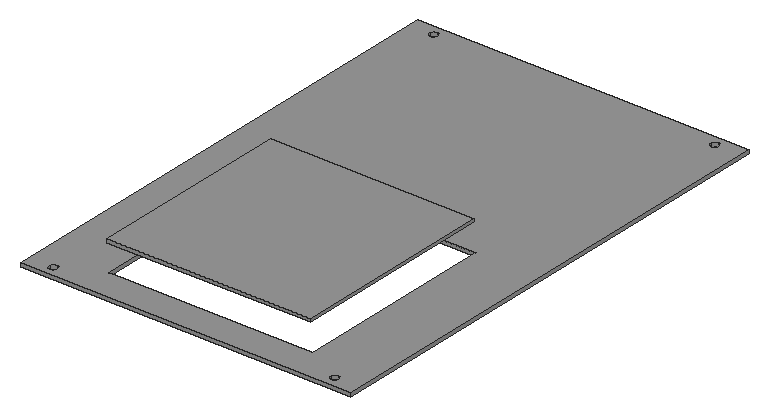
Revit family "Montagedeckel - OKA D 600 9 -AA", category Generic Models, Revit 2017
Family settings
  Can host rebar = No
  Round Connector Dimension = Use Diameter
  Part Type = Normal
  Work Plane-Based = No
  Always vertical = Yes
  Cut with Voids When Loaded = No
  Shared = No
  Room Calculation Point = No
Parameters (values of type "OKA D 500 9")
  Width = 400 mm
  URL = "http:/www.obo-bettermann.com"
  Material = Strip-galvanised
  Manufacturer Art.No. = "7425102"
  Manufacturer = "Obo Bettermann"
  Height = 600 mm
  GTIN = "4012195245469"
  Article Type = "OKA D 500 9"
Types (3, lengths in mm): name | Manufacturer Art.No. | GTIN | Article Type
  (no name) | "7425102" | "4012195245469" | "OKA D 500 9"
  OKA D 500 9 | "7425102" | "4012195245469" | "OKA D 500 9"
  OKA D 600 9 | "7425104" | "4012195245476" | "OKA D 600 9"
Reference planes
  plane 1 "Center (Front/Back)": y = 0
  plane 2: z = 0
  plane 3 "Center (Left/Right)": x = 0
  plane 4: z = 4
  plane 5: x = 170
  plane 6: y = 587.2
  plane 7: y = 161
  plane 8: x = 170
  plane 9: y = 587.2
  plane 10: x = -170
  plane 11: y = 587.2
  plane 12: x = 170
  plane 13: y = 12.8
  plane 14: y = 12.8
  plane 15: x = -170
Forms (mm)
  Extrusion 1, solid, material "Strip-galvanised" <- "Material"
    sketch origin (0, 0, 0) x (1, 0, 0) y (0, 1, 0)
      loop
        line (-200, 0) -> (200, 0) -> (200, 600) -> (-200, 600) -> (-200, 0)
    from 0 to 4
  Extrusion 2, void
    sketch origin (0, 0, 0) x (1, 0, 0) y (0, 1, 0)
      loop
        line (-123.35, 284.35) -> (-123.35, 37.65) -> (123.284, 37.65) -> (123.284, 284.35) -> (-123.35, 284.35)
    from 0 to 250
  Extrusion 3, solid, material "Strip-galvanised" <- "Material"
    sketch origin (-2, 0, 22.522) x (1, 0, 0) y (0, 0, 1)
      loop
        line (-123, 17.809) -> (-123, 13.809) -> (123, 13.809) -> (123, 17.809) -> (-123, 17.809)
    from -284.35 to -37.65
  Extrusion 4, void
    sketch origin (0, 0, 0) x (1, 0, 0) y (0, 1, 0)
      loop
        circle (-170, 587.2) r 5
      loop
        circle (170, 587.2) r 5
      loop
        circle (-170, 12.8) r 5
      loop
        circle (170, 12.8) r 5
    from 0 to 250
Cuts and joins
  Extrusion 2, Extrusion 4 cuts Extrusion 1
Dimensions and locks
  "Width": Extrusion 1 sketch curve to Extrusion 1 sketch curve
  locked: Extrusion 1 sketch curve to plane 3 "Center (Left/Right)" at 200
  "Height": Extrusion 1 sketch curve to Extrusion 1 sketch curve
  Extrusion 1 to Extrusion 1 = 4 mm
  locked: plane 4 to level at 4
  locked: plane 5 to Extrusion 1 at 30
  locked: Extrusion 1 to plane 6 at 12.8
  locked: Extrusion 1 to Extrusion 2 sketch curve at 37.65
  locked: Extrusion 1 to plane 7 at 161
  plane 7 to Extrusion 2 sketch curve = 123.35 mm
  locked: Extrusion 2 sketch curve to plane 7 at 123.35
  locked: Extrusion 2 sketch curve to Extrusion 2 sketch curve at 246.634
  locked: Extrusion 2 sketch curve to plane 3 "Center (Left/Right)" at 123.35
  locked: Extrusion 3 sketch curve to Extrusion 3 sketch curve at 246
  plane 3 "Center (Left/Right)" to Extrusion 3 sketch curve = 125 mm
  plane 3 "Center (Left/Right)" to Extrusion 3 sketch curve = 121 mm
  locked: Extrusion 3 sketch curve to Extrusion 3 sketch curve at 4
  Extrusion 3 sketch curve to cut or joined group of Extrusion 1, Extrusion 2, Extrusion 4 = 32.332 mm
  locked: Extrusion 3 to cut or joined group of Extrusion 1, Extrusion 2, Extrusion 4 at 32.332
  locked: plane 8 to cut or joined group of Extrusion 1, Extrusion 2, Extrusion 4 at 30
  locked: cut or joined group of Extrusion 1, Extrusion 2, Extrusion 4 to plane 9 at 12.8
  locked: cut or joined group of Extrusion 1, Extrusion 2, Extrusion 4 to plane 11 at 12.8
  locked: cut or joined group of Extrusion 1, Extrusion 2, Extrusion 4 to plane 10 at 30
  locked: cut or joined group of Extrusion 1, Extrusion 2, Extrusion 4 to plane 13 at 12.8
  locked: plane 12 to cut or joined group of Extrusion 1, Extrusion 2, Extrusion 4 at 30
  locked: cut or joined group of Extrusion 1, Extrusion 2, Extrusion 4 to plane 14 at 12.8
  locked: cut or joined group of Extrusion 1, Extrusion 2, Extrusion 4 to plane 15 at 30
  "Height": cut or joined group of Extrusion 1, Extrusion 2, Extrusion 4 to cut or joined group of Extrusion 1, Extrusion 2, Extrusion 4
  diameter of Extrusion 4 sketch curve = 10 mm  (x4)
  aligned and locked: level to plane 2
  aligned and locked: plane 1 "Center (Front/Back)" to Extrusion 1 sketch curve
  aligned and locked: Extrusion 1 to plane 4
  aligned and locked: Extrusion 3 to cut or joined group of Extrusion 1, Extrusion 2, Extrusion 4
Automatic sketch dimensions
  Extrusion 4 sketch curve to plane 10 = 0 mm  (x2)
  Extrusion 4 sketch curve to plane 9 = 0 mm  (x2)
  Extrusion 4 sketch curve to plane 8 = 0 mm  (x2)
  Extrusion 4 sketch curve to plane 13 = 0 mm  (x2)
